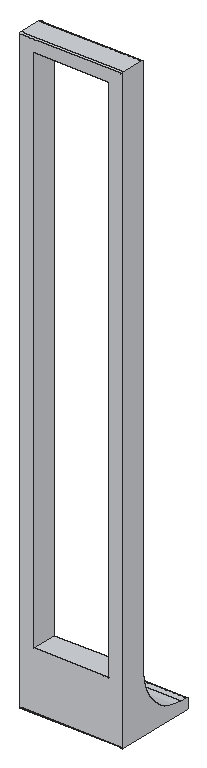
Revit family "Accessory-Towel_Arm-KOHLER-LOURE-K-11586T", category Specialty Equipment, host Face, Revit 2017
Family settings
  Host = Face
  Round Connector Dimension = Use Diameter
  Part Type = Normal
  OmniClass Number = 23.31.25.25
  OmniClass Title = Towel Bars
  Cut with Voids When Loaded = No
  Shared = No
  Room Calculation Point = No
Parameters (values of type "CP-Polished Chrome")
  Width = 3.0315"  # constant formula
  WaterSense Certified = 1 = 0  # no
  URL = "http://www.kohler.com.cn/"
  Product Page URL = "https://www.kohler.com.cn/en/product/K-11586T-CP/K-11586T-CP/"
  Product Name = "LOURE"  # constant formula
  Product Documentation Link = "https://files.kohler.com.cn/pdfs/loure_acc.pdf"
  Model = "K-11586T-CP"  # constant formula
  Material = "Premium Metal Construction"  # constant formula
  Master Format 2014 Name = "Toilet, Bath, and Laundry Accessories"  # constant formula
  Master Format 2014 = "10 28 00"  # constant formula
  Manufacturer Address = "Kohler Beijing Office (100016) 36-2-03-B, No. 88, Liuxiang Road, Beijing"  # constant formula
  Manufacturer = "KOHLER Co."  # constant formula
  Length = 17 7/8"  # constant formula
  Height = 2.40157"  # constant formula
  Finish = Kohler-Metal-CP-Polished_Chrome
  Environmental Product Declaration = ""
  Description = "Double Towel Arm"  # constant formula
  Default Elevation = 42"
  Declare Label = ""
  Date Modified = "07/06/2020"  # constant formula
  Date Created = "07/06/2020"  # constant formula
  Copyright = "Copyright KOHLER Co."  # constant formula
  Contact Us = "http://www.kohler.com.cn/contact/contact-us/"
  Assembly Code = "C1030200"
  ADA Compliant = 1 = 0  # no
Reference planes (in)
  plane 1 "Center (Front/Back)": y = 0
  plane 2: z = 0
  plane 3 "Center (Left/Right)": x = 0
  plane 4: y = 2.40157
  plane 5: y = 0.75319
  plane 6: x = -1.51575
  plane 7: x = 1.51575
  plane 8: z = 17.875
  plane 9: z = 17.49803
  plane 10: z = 1.74396
  plane 11: z = 0.31496
Dimensions and locks (in)
  "Width": plane 6 to plane 7
  "Height": plane 1 "Center (Front/Back)" to plane 4
  "Length": plane 8 to plane 2
  aligned and locked: plane 2 to host face
  aligned and locked: level to host face
Automatic sketch dimensions
  host sketch curve to host sketch curve = 96"  (x2)
Nested families (in)
  nested 1: "K-11586T" at (0, 0, 0), type "K-11586T"
Definition of nested family "K-11586T"
  Parameters (values of type "K-11586T")
    Material = none
  Reference planes (in)
    plane 1 "Center (Front/Back)": y = 0
    plane 2: z = 0
    plane 3 "Center (Left/Right)": x = 0
    plane 4: y = 2.40157
    plane 5: z = 17.87402
    plane 6: x = -1.51575
    plane 7: x = 1.51575
    plane 8: y = 0.75319
    plane 9: z = 0.31496
    plane 10: z = 17.49803
    plane 11: z = 1.74396
  Forms (in)
    Extrusion 1, solid, material <- "Material", detail levels medium+fine
      sketch origin (0, 0, 0) x (0, 1, 0) y (0, 0, 1)
        loop
          arc (0, 0.03937) -> (0.01153, 0.01153) -> (0.03937, 0) r 0.03937
          line (0.03937, 0) -> (2.3622, 0)
          arc (2.3622, 0) -> (2.39004, 0.01153) -> (2.40157, 0.03937) r 0.03937
          line (2.40157, 0.03937) -> (2.40157, 0.27559)
          arc (2.40157, 0.27559) -> (2.39004, 0.30343) -> (2.3622, 0.31496) r 0.03937
          line (2.3622, 0.31496) -> (2.1822, 0.31496)
          arc (2.1822, 0.31496) -> (1.17174, 0.73351) -> (0.75319, 1.74396) r 1.429
          line (0.75319, 1.74396) -> (0.75319, 17.83465)
          arc (0.75319, 17.83465) -> (0.74166, 17.86248) -> (0.71382, 17.87402) r 0.03937
          line (0.71382, 17.87402) -> (0.03937, 17.87402)
          arc (0.03937, 17.87402) -> (0.01153, 17.86248) -> (0, 17.83465) r 0.03937
          line (0, 17.83465) -> (0, 0.03937)
      from -1.51575 to 1.51575
    Extrusion 2, void
      sketch origin (0, 0, 0) x (1, 0, 0) y (0, 0, 1)
        loop
          line (-1.11811, 17.49803) -> (-1.11811, 1.75) -> (1.11811, 1.75) -> (1.11811, 17.49803) -> (-1.11811, 17.49803)
      from -2.40157 to 1.64285
    Extrusion 3, solid, material <- "Material", detail levels coarse
      sketch origin (0, 0, 0) x (0, 1, 0) y (0, 0, 1)
        loop
          line (0, 0) -> (2.40157, 0) -> (2.40157, 0.31496) -> (0.75319, 0.31496) -> (0.75319, 17.87402) -> (0, 17.87402) -> (0, 0)
      from -1.51575 to 1.51575
    Extrusion 4, void
      sketch origin (0, 0, 0) x (1, 0, 0) y (0, 0, 1)
        loop
          line (-1.11811, 17.49803) -> (-1.11811, 1.75) -> (1.11811, 1.75) -> (1.11811, 17.49803) -> (-1.11811, 17.49803)
      from -3.33489 to 2.55788
  Cuts and joins
    Extrusion 2 cuts Extrusion 1
    Extrusion 4 cuts Extrusion 3
  Lines and regions (in)
    Masking region 1
      outline origin (0, 0, 0) x (1, 0, 0) y (0, 0, 1)
        loop
          line (-1.51575, 17.87402) -> (-1.51575, 0.31496) -> (-1.51575, 0) -> (1.51575, 0) -> (1.51575, 0.31496) -> (1.51575, 17.87402) -> (-1.51575, 17.87402)
        loop
          line (-1.11811, 17.49803) -> (-1.11811, 1.74396) -> (1.11811, 1.74396) -> (1.11811, 17.49803) -> (-1.11811, 17.49803)
    Masking region 2
      outline origin (0, 0, 0) x (0, 1, 0) y (0, 0, 1)
        loop
          line (0.03984, 0) -> (2.36252, 0)
          arc (2.36252, 0) -> (2.39013, 0.01144) -> (2.40157, 0.03906) r 0.03906
          line (2.40157, 0.03906) -> (2.40157, 0.31496) -> (2.18346, 0.31496)
          arc (2.18346, 0.31496) -> (1.17211, 0.73388) -> (0.75319, 1.74522) r 1.43026
          line (0.75319, 1.74522) -> (0.75319, 17.83469)
          arc (0.75319, 17.83469) -> (0.74168, 17.8625) -> (0.71387, 17.87402) r 0.03932
          line (0.71387, 17.87402) -> (0.04107, 17.87402)
          arc (0.04107, 17.87402) -> (0.01203, 17.86199) -> (0, 17.83295) r 0.04107
          line (0, 17.83295) -> (0, 0.03984)
          arc (0, 0.03984) -> (0.01167, 0.01167) -> (0.03984, 0) r 0.03984
    Masking region 3
      outline origin (0, 0, 0) x (1, 0, 0) y (0, 1, 0)
        loop
          line (-1.51575, 2.40157) -> (-1.51575, 0) -> (1.51575, 0) -> (1.51575, 2.40157) -> (-1.51575, 2.40157)
    symbolic lines, detail levels medium+fine
      curve 1: line (-1.51575, 0, 0.31496) -> (1.51575, 0, 0.31496)
      curve 2: line (0, 0.75319, 1.74396) -> (0, 0, 1.74396)
      curve 3: line (-1.51575, 0.75319, 0) -> (1.51575, 0.75319, 0)
      curve 4: line (0, 0, 17.49803) -> (0, 0.75319, 17.49803)
      curve 5: line (-1.11811, 0, 17.49803) -> (-1.51575, 0, 17.49803)
      curve 6: line (1.11811, 0, 17.49803) -> (1.51575, 0, 17.49803)
      curve 7: line (-1.11811, 0, 1.75) -> (-1.51575, 0, 1.75)
      curve 8: line (1.11811, 0, 1.74396) -> (1.51575, 0, 1.74396)
  Dimensions and locks (in)
    plane 5 to level = 17.87402"
    plane 7 to plane 6 = 3.0315"
    plane 4 to plane 1 "Center (Front/Back)" = 2.40157"
    plane 1 "Center (Front/Back)" to plane 4 = 2.40157"
    level to plane 5 = 17.87402"
    plane 6 to plane 7 = 3.0315"
    aligned and locked: plane 2 to level
